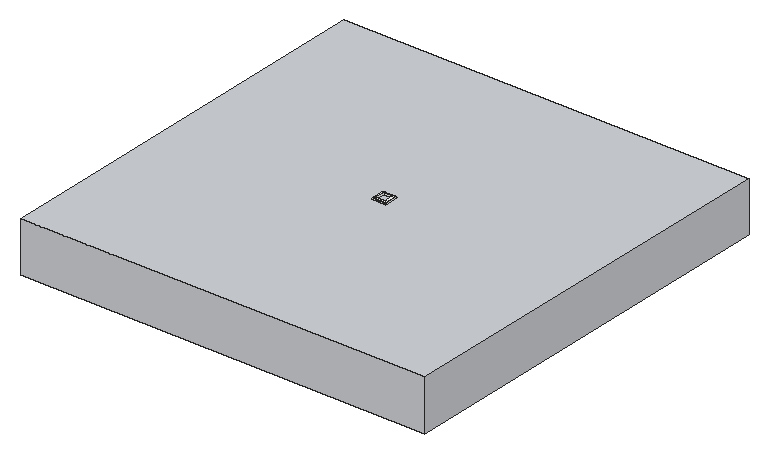
Revit family "Gira_109103", category Elektroinstallationen, Revit 2017
Family settings
  Basisbauteil = Fläche
  Beschriftungsausrichtung beibehalten = Nein
  Bemaßung runder Anschluss = Durchmesser verwenden
  Teiletyp = Normal
  Beim Laden mit Abzugskörper schneiden = Nein
  Gemeinsam genutzt = Nein
  Raumberechnungspunkt = Nein
Parameters
  Werkstoffgüte = "Thermoplast"
  Werkstoff = "Kunststoff"
  URL = "https://www.gira.de/"
  Typname = "Abdeckrahmen 1f BSF Gira E2 Reinweiß"
  Transparent = no
  Textfeld/Beschriftungsfläche = yes
  Schutzart (IP) = "IP20"
  RAL-Nummer (ähnlich) = 9010
  Produktseite = "http://katalog.gira.de/de_DE/datenblatt.html?artikelnr=109103"
  Oberfläche = "sonstige"
  Montagerichtung = "vertikal"
  Mit Montagerahmen = no
  Mit Klappdeckel = no
  Hersteller = "Gira"
  Halogenfrei = yes
  HAN = "109103"
  Geeignet für Unterputz-Installation = yes
  Geeignet für Unterflurkanaldose = no
  Geeignet für Geräteeinbaukanal = no
  Geeignet für Einbauinstallation = no
  GTIN = "4010337091035"
  Farbe = "weiß"
  Datenblatt = "https://katalog.gira.de/de_DE/download.html?artikelnr=109103"
  Beschreibung = "Abdeckrahmen Gira Standard 55 mit Beschriftungsfeld Reinweiß glänzend 1fach Merkmale: - Bruchsicher. - Sprühnebeldicht. - Abdeckrahmen mit transparentem Sichtfenster zur Beschriftung der Einsätze. - Besonders geeignet für Objekte, in denen Elektroinstallation gekennzeichnet und dokumentiert werden muss, bspw. in Verwaltungen, gewerblichen Betrieben, Flughäfen, Unternehmen und Krankenhäusern.  Hinweise : - Nicht zu verwenden mit: Dichtungsset IP44, Aufputz-Gehäuse flache Bauweise, Aufputz-Gehäuse."
  Befestigungsart = "Klemmbefestigung"
  Bauelement = "Std55_Rahmen_1fach"
  Default Elevation = 1219.2 mm
  BIM = "https://media.stage.bim.site/public/gira/876eb45/Std55_Rahmen_1fach.rfa"
  Ausführung der Oberfläche = "glänzend"
  Anzahl der Einheiten vertikal = 1
  Anzahl der Einheiten = 1
Reference planes
  plane 1 "Center (Front/Back)": y = 0
  plane 2: z = 0
  plane 3 "Center (Left/Right)": x = 0
  plane 4: y = -40.3
  plane 5: y = 40.3
  plane 6: x = 40.3
  plane 7: x = -40.3
Forms (mm)
  Extrusion 1, solid
    sketch origin (0, 0, 0) x (1, 0, 0) y (0, 1, 0)
      loop
        line (-1219.2, 1219.2) -> (-1219.2, -1219.2) -> (1219.2, -1219.2) -> (1219.2, 1219.2) -> (-1219.2, 1219.2)
    from 0 to -304.8
  Sweep 2, solid, material "White", detail levels fine
    path origin (0, 0, 0) x (1, 0, 0) y (0, 1, 0)
      loop
        line (40.3, 40.3) -> (-40.3, 40.3) -> (-40.3, -40.3) -> (40.3, -40.3) -> (40.3, 40.3)
    profile origin (0, 40.3, 0) x (0, -1, 0) y (0, 0, 1)
      loop
        arc (12.22, 11.373) -> (5.983, 10.294) -> (0.641, 6.901) r 16.145
        arc (0.641, 6.901) -> (0.395, 6.426) -> (0.309, 5.898) r 1.694
        line (0.309, 5.898) -> (0, 0) -> (12.319, 0) -> (12.22, 11.373)
  Extrusion 3, solid, material "White", detail levels coarse+medium
    sketch origin (0, 0, 0) x (1, 0, 0) y (0, 1, 0)
      loop
        line (40.3, 40.3) -> (-40.3, 40.3) -> (-40.3, -40.3) -> (40.3, -40.3) -> (40.3, 40.3)
    from 0 to 11.373
Dimensions and locks
  aligned and locked: plane 2 to Extrusion 1
  aligned and locked: level to Extrusion 1
